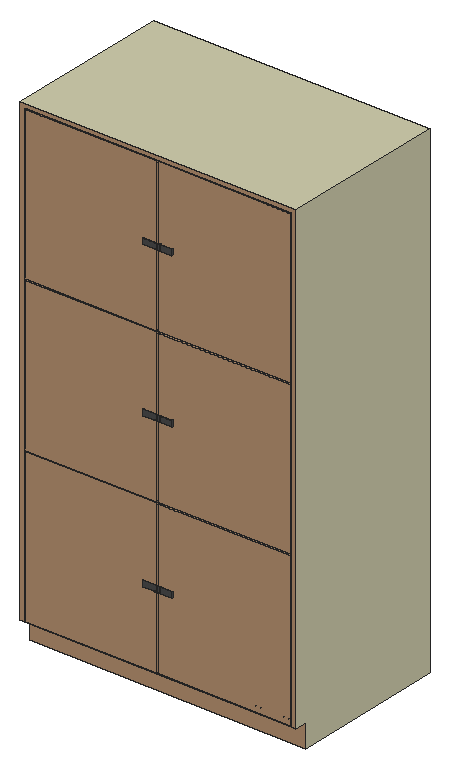
Revit family "Cabinet_Wenger_UltraStor_12", category Furniture, Revit 2015
Parameters (values of type "UltraStor Cabinet #12 - Comp Wood Doors")
  URL = "https://www.wengercorp.com/"
  Type Comments = ""
  Specification = "http://www.arcat.com/sdspecs/htm04/12_35_83wen.htm"
  Shelf Thickness = 0' - 1 1/8"
  Sales Information = "https://www.wengercorp.com/contact-us.php"
  Revision = "R1_2018-04"
  Rear Panel Thickness = 0' - 0 3/4"
  Product Data = "http://www.arcat.com/arcatcos/cos36/arc36487.html"
  Manufacturer Website = "https://www.wengercorp.com/"
  Manufacturer Phone - Toll Free = "800-4WENGER"
  Manufacturer Phone = "(507) 455-4100"
  Manufacturer Fax = "(507) 455-4258"
  Manufacturer Address = "555 Park Dr., Owatonna, MN 55060"
  Keynote = "12 35 83"
  HasDoors = yes
  Green Building-LEED = "http://www.arcat.com/green/clients/leed_data_36487.html"
  Drawn By = "Sumex Design, Inc. / Robert S. Weygant, CSI, CDT, SCIP"
  Door Width = (Cabinet Width - 0' 1 5/8") / 2  # 1' - 11 7/16"
  Door Style = Door_Base : Solid Door
  Door Material [instance] = Wenger Cherry (Use Cherry Edge Band Only)
  Door Height = (Cabinet Height - 0' 4 3/4") / 5  # 1' - 4.175"
  Toe Kick Material [instance] = Wenger Cherry (Use Cherry Edge Band Only)
  RH End Panel [instance] = no
  Model = "#12"
  Manufacturer = "Wenger Corporation"
  LH End Panel [instance] = no
  End Panel Material [instance] = Wenger Cherry (Use Cherry Edge Band Only)
  Edge Banding Material [instance] = Wenger Cherry (Use Cherry Edge Band Only)
  Cost = 0
  Copyright = "© 2018 Arcat Inc."
  Construction Details = "http://www.arcat.com/details/wengerco/wengerco.html?coid=36487"
  Body Material [instance] = Wenger - Oyster
  Description = "Wenger UltraStor Cabinet #12 - Comp Wood Doors"
  Cabinet Width = 4' - 0 1/2"
  Cabinet Height = 7' - 1 5/8"
  Installed Depth = 2' - 5 1/4"
  Cabinet Panel Thickness = 0' - 0 3/4"
  Assembly Code = "E2010200"
Types (7): name | Shelf Thickness | Rear Panel Thickness | HasDoors | Door Style | Door Material | Model | Description | Installed Depth
  Acoustic Cabinet #12 - No Doors | 0' - 1.26667" | 0' - 3 1/4" | no | Door_Base : Solid Door | none | "#12A" | "Wenger Acoustic Cabinet #12 - No Doors" | 2' - 7 3/4"
  Acoustic Cabinet #12 - Comp Grille Doors | 0' - 1 1/8" | 0' - 3 1/4" | yes | Door_Base : Bars | Painted Black | "#12A" | "Wenger Acoustic Cabinet #12 - Comp Grille Doors" | 2' - 7 3/4"
  Acoustic Cabinet #12 - Comp Waterfall Grille Doors | 0' - 1 1/8" | 0' - 3 1/4" | yes | Door_Base : Waterfall | Painted Black | "#12A" | "Wenger Acoustic Cabinet #12 - Comp Waterfall Grille Doors" | 2' - 7 3/4"
  UltraStor Cabinet #12 - Comp Wood Doors | 0' - 1 1/8" | 0' - 0 3/4" | yes | Door_Base : Solid Door | Wenger Cherry (Use Cherry Edge Band Only) | "#12" | "Wenger UltraStor Cabinet #12 - Comp Wood Doors" | 2' - 5 1/4"
  UltraStor Cabinet #12 - Comp Waterfall Grille Doors | 0' - 1 1/8" | 0' - 0 3/4" | yes | Door_Base : Waterfall | Painted Black | "#12" | "Wenger UltraStor Cabinet #12 - Comp Waterfall Grille Doors" | 2' - 5 1/4"
  UltraStor Cabinet #12 - Comp Grille Doors | 0' - 1 1/8" | 0' - 0 3/4" | yes | Door_Base : Bars | Painted Black | "#12" | "Wenger UltraStor Cabinet #12 - Comp Grille Doors" | 2' - 5 1/4"
  UltraStor Cabinet #12 - No Doors | 0' - 1.26667" | 0' - 0 3/4" | no | Door_Base : Solid Door | none | "#12" | "Wenger UltraStor Cabinet #12 - No Doors" | 2' - 5 1/4"
Reference planes (in)
  plane 1 "Front": y = 0
  plane 2: z = 0
  plane 3 "Left": x = 0
  plane 4 "Right": x = 48.5
  plane 5 "Back": y = 29.25
  plane 6 "Top": z = 85.625
  plane 7: z = 4
  plane 8: z = 30.95833
  plane 9: z = 57.91667
  plane 10: x = 0.75
  plane 11: x = 47.75
  plane 12: z = 84.875
  plane 13: x = 24.1875
  plane 14: x = 0.125
  plane 15: x = 23.5625
  plane 16: x = 24.3125
  plane 17: y = 28.5
  plane 18: y = 2
  plane 19: y = 0.75
  plane 20: z = 32.08333
  plane 21: z = 59.04167
  plane 22: z = 5.125
Forms (in)
  Extrusion 1, solid, material "Wenger - Oyster" <- "Body Material"
    sketch origin (0, 0, 0) x (0, 1, 0) y (0, 0, 1)
      loop
        line (0, 85.625) -> (0, 4) -> (2, 4) -> (2, 0) -> (29.25, 0) -> (29.25, 85.625) -> (0, 85.625)
    from 0 to 48.5
  Extrusion 2, void
    sketch origin (0, 0, 0) x (0, 1, 0) y (0, 0, 1)
      loop
        line (-5.5, 84.875) -> (-5.5, 57.91667) -> (1.92236, 57.91667)
        arc (1.92236, 57.91667) -> (1.4983, 58.45738) -> (1.85997, 59.04167) r 0.60004
        line (1.85997, 59.04167) -> (28.5, 59.04167) -> (28.5, 84.875) -> (-5.5, 84.875)
    from 0.75 to 47.75
  Extrusion 3, void
    sketch origin (0, 0, 0) x (0, 1, 0) y (0, 0, 1)
      loop
        line (-5.5, 57.91667) -> (-5.5, 30.95833) -> (0.75, 30.95833)
        arc (0.75, 30.95833) -> (1.18296, 31.73421) -> (2, 32.08333) r 1.375
        line (2, 32.08333) -> (28.5, 32.08333) -> (28.5, 57.91667) -> (-5.5, 57.91667)
    from 0.75 to 47.75
  Extrusion 4, void
    sketch origin (0, 0, 0) x (0, 1, 0) y (0, 0, 1)
      loop
        line (0, 84.875) -> (0, 4) -> (0.0625, 4) -> (0.0625, 84.875) -> (0, 84.875)
    from 0.75 to 47.75
  Extrusion 5, void
    sketch origin (0, 0, 0) x (1, 0, 0) y (0, 0, 1)
      loop
        line (0.75, 30.95833) -> (0.75, 5.125) -> (47.75, 5.125) -> (47.75, 30.95833) -> (0.75, 30.95833)
    from -28.5 to 0
Cuts and joins
  Extrusion 2, Extrusion 3, Extrusion 4, Extrusion 5 cuts Extrusion 1
Lines and regions (in)
  Masking region 1
    outline origin (0, 0, 0) x (1, 0, 0) y (0, 1, 0)
      loop
        line (0, 29.25) -> (0, 0) -> (48.5, 0) -> (48.5, 29.25) -> (0, 29.25)
Dimensions and locks (in)
  "Cabinet Panel Thickness": plane 3 "Left" to plane 10
  "Cabinet Panel Thickness": plane 11 to plane 4 "Right"
  "Cabinet Panel Thickness": plane 5 "Back" to plane 17
  locked: plane 1 "Front" to plane 19 at 0.75
  locked: plane 1 "Front" to plane 18 at 2
  "Shelf Thickness": plane 20 to plane 8
  "Shelf Thickness": plane 21 to plane 9
  "Cabinet Panel Thickness": plane 6 "Top" to plane 12
  equal spacing: plane 12, plane 9, plane 8, plane 7
  "Shelf Thickness": plane 22 to plane 7
  "Cabinet Width": plane 3 "Left" to plane 4 "Right"
  locked: plane 7 to level at 4
  "Cabinet Height": plane 6 "Top" to level
  "Installed Depth": plane 1 "Front" to plane 5 "Back"
  "Door Width": plane 13 to plane 10
  "Door Width": plane 15 to plane 14
  "Door Width": plane 11 to plane 16
  plane 3 "Left" to plane 4 "Right" = 4' - 0 1/2"
  locked: plane 16 to plane 15 at 0.75
  equal spacing: plane 14, nested 2, plane 11
  equal spacing: plane 5 "Back", nested 2, plane 1 "Front"
  nested 5 to plane 4 "Right" = 3' - 0 1/32"
  nested 9 to level = 5' - 11.39583"
  aligned and locked: Extrusion 1 sketch curve to plane 6 "Top"
  aligned and locked: Extrusion 1 sketch curve to plane 5 "Back"
  aligned and locked: Extrusion 1 sketch curve to plane 1 "Front"
  aligned and locked: Extrusion 1 sketch curve to plane 7
  aligned and locked: Extrusion 1 sketch curve to plane 18
  aligned and locked: Extrusion 1 sketch curve to level
  aligned and locked: Extrusion 1 to plane 4 "Right"
  aligned and locked: Extrusion 1 to plane 3 "Left"
  aligned and locked: Extrusion 2 sketch curve to plane 12
  aligned and locked: Extrusion 2 sketch curve to plane 17
  aligned and locked: Extrusion 2 sketch curve to plane 9
  aligned and locked: Extrusion 2 sketch curve to plane 21
  aligned and locked: Extrusion 2 to plane 10
  aligned and locked: Extrusion 3 to plane 11
  aligned and locked: Extrusion 4 sketch curve to cut or joined group of Extrusion 1, Extrusion 2, Extrusion 3, Extrusion 4, Extrusion 5  (x3)
  aligned and locked: Extrusion 4 to plane 11
  aligned and locked: Extrusion 4 to plane 10
  aligned and locked: nested 3 to plane 10
  aligned and locked: nested 3 to plane 9
  aligned and locked: cut or joined group of Extrusion 1, Extrusion 2, Extrusion 3, Extrusion 4, Extrusion 5 to plane 11  (x2)
  aligned and locked: plane 9 to cut or joined group of Extrusion 1, Extrusion 2, Extrusion 3, Extrusion 4, Extrusion 5
  aligned and locked: nested 4 to plane 8
  aligned and locked: nested 4 to plane 10
  aligned and locked: nested 5 to plane 10
  aligned and locked: plane 7 to cut or joined group of Extrusion 1, Extrusion 2, Extrusion 3, Extrusion 4, Extrusion 5
  aligned and locked: nested 5 to plane 7
  aligned and locked: plane 1 "Front" to nested 6
  aligned and locked: nested 6 to level
  aligned and locked: nested 6 to plane 4 "Right"
  aligned and locked: Masking region 1 sketch curve to plane 5 "Back"
  aligned and locked: Masking region 1 sketch curve to plane 1 "Front"
  aligned and locked: plane 3 "Left" to Masking region 1 sketch curve
  aligned and locked: plane 4 "Right" to Masking region 1 sketch curve
  aligned and locked: plane 8 to nested 5
  aligned and locked: Extrusion 5 sketch curve to nested 5  (x2)
  aligned and locked: Extrusion 5 sketch curve to plane 22
  aligned and locked: plane 11 to Extrusion 5 sketch curve
  aligned and locked: plane 17 to Extrusion 5
  aligned and locked: plane 1 "Front" to Extrusion 5
  aligned and locked: Extrusion 3 to plane 10
  aligned and locked: plane 9 to nested 4
  aligned and locked: nested 9 to plane 12
  aligned and locked: nested 9 to plane 9
  aligned and locked: nested 8 to plane 9
  aligned and locked: nested 8 to plane 8
  aligned and locked: nested 7 to plane 8
  aligned and locked: nested 7 to plane 7
  aligned and locked: nested 9 to plane 11
  aligned and locked: nested 8 to plane 11
  aligned and locked: nested 7 to plane 11
Automatic sketch dimensions
  plane 19 to Extrusion 4 sketch curve = 0' - 0 11/16"
  Extrusion 3 sketch curve to plane 8 = 0' - 0"
  Extrusion 3 sketch curve to plane 19 = 0' - 0"
  Extrusion 3 sketch curve to plane 18 = 0' - 0"
  Extrusion 3 sketch curve to plane 17 = 0' - 0"
  plane 1 "Front" to Extrusion 3 sketch curve = 0' - 5 1/2"
  Extrusion 3 sketch curve to plane 18 = 0' - 0.10279"
  plane 18 to Extrusion 2 sketch curve = 0' - 0.14003"
  plane 1 "Front" to Extrusion 2 sketch curve = 0' - 5 1/2"
  Extrusion 2 sketch curve to plane 18 = 0' - 0.09742"
  Extrusion 2 sketch curve to plane 19 = 0' - 1.17236"
  Extrusion 3 sketch curve to plane 9 = 0' - 0"
  Extrusion 3 sketch curve to plane 20 = 0' - 0"
Nested families (in)
  nested 1: "End Panel" at (0, 14.25, 0) x (0, -1, 0) z (0, 0, 1), End Panel Material <- "End Panel Material", visible <- "LH End Panel", Edge Banding Material <- "Edge Banding Material", type "End Panel"
    with End Panel Material Wenger Cherry (Use Cherry Edge Band Only), Edge Banding Material Wenger Cherry (Use Cherry Edge Band Only), End Panel Depth 2' - 5 1/4"
  nested 2: "Labels" at (23.9375, 14.625, 0), type "Labels"
  nested 3: "Door_Base" at (12.46875, 0, 57.91667) x (1, 0, 0) z (0, -1, 0), type <- "Door Style", visible <- "HasDoors", Width <- "Door Width", type "Solid Door", detail levels medium+fine
    with vBars 21, Width 1' - 11 7/16", ToeKick Height 0' - 4", MidBar no, Height 2' - 2.95833", BarHt 2' - 2.45833", 2HzBars no
  nested 4: "Door_Base" at (12.46875, 0, 30.95833) x (1, 0, 0) z (0, -1, 0), type <- "Door Style", visible <- "HasDoors", Width <- "Door Width", type "Solid Door", detail levels medium+fine
    with vBars 21, Width 1' - 11 7/16", ToeKick Height 0' - 4", MidBar no, Height 2' - 2.95833", BarHt 2' - 2.45833", 2HzBars no
  nested 5: "Door_Base" at (12.46875, 0, 4) x (1, 0, 0) z (0, -1, 0), type <- "Door Style", visible <- "HasDoors", Width <- "Door Width", type "Solid Door", detail levels medium+fine
    with vBars 21, Width 1' - 11 7/16", ToeKick Height 0' - 4", MidBar no, Height 2' - 2.95833", BarHt 2' - 2.45833", 2HzBars no
  nested 6: "End Panel" at (49.25, 14.25, 0) x (0, -1, 0) z (0, 0, 1), End Panel Material <- "End Panel Material", Edge Banding Material <- "Edge Banding Material", visible <- "RH End Panel", type "End Panel"
    with End Panel Material Wenger Cherry (Use Cherry Edge Band Only), Edge Banding Material Wenger Cherry (Use Cherry Edge Band Only), End Panel Depth 2' - 5 1/4"
  nested 7: "Door_Base" at (36.03125, 0, 30.95833) x (-1, 0, 0) z (0, -1, 0), Width <- "Door Width", type <- "Door Style", visible <- "HasDoors", type "Solid Door"
    with vBars 21, Width 1' - 11 7/16", ToeKick Height 0' - 4", MidBar no, Height 2' - 2.95833", BarHt 2' - 2.45833", 2HzBars no
  nested 8: "Door_Base" at (36.03125, 0, 57.91667) x (-1, 0, 0) z (0, -1, 0), Width <- "Door Width", type <- "Door Style", visible <- "HasDoors", type "Solid Door"
    with vBars 21, Width 1' - 11 7/16", ToeKick Height 0' - 4", MidBar no, Height 2' - 2.95833", BarHt 2' - 2.45833", 2HzBars no
  nested 9: "Door_Base" at (36.03125, 0, 84.875) x (-1, 0, 0) z (0, -1, 0), Width <- "Door Width", type <- "Door Style", visible <- "HasDoors", type "Solid Door"
    with vBars 21, Width 1' - 11 7/16", ToeKick Height 0' - 4", MidBar no, Height 2' - 2.95833", BarHt 2' - 2.45833", 2HzBars no
Definition of nested family "End Panel"
  Parameters (values of type "End Panel")
    End Panel Material [instance] = none
    End Panel Height = 7' - 1 5/8"
    End Panel Depth = 1' - 9 3/4"
    Edge Banding Material [instance] = none
    Default Elevation = 4' - 0"
    Assembly Code = ""
  Reference planes (in)
    plane 1 "Center (Front/Back)": y = 0
    plane 2: z = 0
    plane 3 "Center (Left/Right)": x = 0
    plane 4: x = -15
    plane 5: x = 6.75
    plane 6: z = 4
    plane 7: x = 4.75
    plane 8: z = 85.625
    plane 9: y = -0.75
  Forms (in)
    Extrusion 1, solid, material <- "End Panel Material"
      sketch origin (0, 0, 0) x (1, 0, 0) y (0, 0, 1)
        loop
          line (-15, 85.625) -> (-15, 0) -> (4.75, 0) -> (4.75, 4) -> (6.75, 4) -> (6.75, 85.625) -> (-15, 85.625)
      from 0 to 0.75
  Lines and regions (in)
    Masking region 1, detail levels coarse+medium
      outline origin (0, 0, 0) x (1, 0, 0) y (0, 1, 0)
        loop
          line (-15, 0) -> (-15, -0.75) -> (6.75, -0.75) -> (6.75, 0) -> (-15, 0)
  Dimensions and locks (in)
    locked: plane 7 to plane 5 at 2
    locked: plane 6 to level at 4
    "End Panel Height": plane 8 to level
    "End Panel Depth": plane 5 to plane 4
    locked: plane 9 to plane 1 "Center (Front/Back)" at 0.75
    aligned and locked: plane 4 to Extrusion 1 sketch curve
    aligned and locked: level to Extrusion 1 sketch curve
    aligned and locked: plane 7 to Extrusion 1 sketch curve
    aligned and locked: plane 6 to Extrusion 1 sketch curve
    aligned and locked: Extrusion 1 sketch curve to plane 5
    aligned and locked: Extrusion 1 sketch curve to plane 8
    aligned and locked: Extrusion 1 to plane 9
    aligned and locked: Extrusion 1 to plane 1 "Center (Front/Back)"
    aligned and locked: plane 4 to Masking region 1 sketch curve
    aligned and locked: Masking region 1 sketch curve to plane 5
    aligned and locked: plane 1 "Center (Front/Back)" to Masking region 1 sketch curve
    aligned and locked: plane 9 to Masking region 1 sketch curve
Definition of nested family "Door_Base"
  Parameters (values of type "None")
    vBars [instance] = (Width - 0' 2") / 0' 1"  # 6
    Width [instance] = 0' - 8"
    ToeKick Height [instance] = 0' - 4"
    Thickness = 0' - 0 3/4"
    Solid Door = no
    Shelf Thickness = 0' - 0 3/4"
    Panel Thickness = 0' - 0 3/4"
    MidBar [instance] = and(Height < 1' 6", HasDoor, not(Solid Door))  # no
    Height [instance] = 1' - 2 5/8"
    HasDoor = no
    Edge Banding = none
    DoorGap = 0' - 0 1/8"
    Door Finish = none
    Depth = 2' - 0"
    Default Elevation = 4' - 0"
    Bars = no
    BarStyle = Bars : Waterfall
    BarHt [instance] = Height - 0' 0 1/2"  # 1' - 2 1/8"
    2HzBars [instance] = and(Height > 1' 6", not(Solid Door))  # no
  Types (4): name | Thickness | Solid Door | MidBar | HasDoor | Bars | BarStyle
    Solid Door | 0' - 0 3/4" | yes | no | yes | no | Bars : Waterfall
    Bars | 0' - 0 1/4" | no | yes | yes | yes | Bars : Straight
    Waterfall | 0' - 0 3/4" | no | yes | yes | yes | Bars : Waterfall
    None | 0' - 0 3/4" | no | no | no | no | Bars : Waterfall
  Reference planes (in)
    plane 1 "Center (Front/Back)": y = 0
    plane 2: z = 0
    plane 3 "Center (Left/Right)": x = 0
    plane 4: x = -4
    plane 5: y = 14.625
    plane 6: x = 4
    plane 7: z = -0.75
    plane 8: x = -3.875
    plane 9: x = 3.875
    plane 10: y = 0.125
    plane 11: y = 14.5
    plane 12: y = -0.75
    plane 13 "CL Elev": y = 7.3125
    plane 14: x = -3.75
    plane 15: x = 3.75
    plane 16 "BtmRail": y = 0.25
    plane 17: y = 14.375
    plane 18: z = -0.125
    plane 19: x = -2.75
    plane 20: x = 2.75
    plane 21: y = 9.66667
    plane 22: y = 4.95833
  Forms (in)
    Extrusion 1, solid, material <- "Door Finish", visible <- "Solid Door", detail levels medium+fine
      sketch origin (0, 0, 0) x (1, 0, 0) y (0, 1, 0)
        loop
          arc (-3.75, 14.5) -> (-3.83839, 14.46339) -> (-3.875, 14.375) r 0.125
          line (-3.875, 14.375) -> (-3.875, 0.25)
          arc (-3.875, 0.25) -> (-3.83839, 0.16161) -> (-3.75, 0.125) r 0.125
          line (-3.75, 0.125) -> (3.75, 0.125)
          arc (3.75, 0.125) -> (3.83839, 0.16161) -> (3.875, 0.25) r 0.125
          line (3.875, 0.25) -> (3.875, 14.375)
          arc (3.875, 14.375) -> (3.83839, 14.46339) -> (3.75, 14.5) r 0.125
          line (3.75, 14.5) -> (-3.75, 14.5)
      from 0 to -0.75
    Sweep 2, solid, material <- "Door Finish", visible <- "Bars", detail levels medium+fine
      path origin (0, 0, 0) x (1, 0, 0) y (0, 1, 0)
        loop
          arc (-3.125, 14.5) -> (-3.65533, 14.28033) -> (-3.875, 13.75) r 0.75
          line (-3.875, 13.75) -> (-3.875, 0.875)
          arc (-3.875, 0.875) -> (-3.65533, 0.34467) -> (-3.125, 0.125) r 0.75
          line (-3.125, 0.125) -> (3.125, 0.125)
          arc (3.125, 0.125) -> (3.65533, 0.34467) -> (3.875, 0.875) r 0.75
          line (3.875, 0.875) -> (3.875, 13.75)
          arc (3.875, 13.75) -> (3.65533, 14.28033) -> (3.125, 14.5) r 0.75
          line (3.125, 14.5) -> (-3.125, 14.5)
      profile origin (0, 14.5, 0) x (0, 1, 0) y (0, 0, 1)
        loop
          circle (-0.125, -0.125) r 0.125
    Extrusion 3, solid, material <- "Door Finish", visible <- "MidBar", detail levels medium+fine
      sketch origin (0, 0, 0) x (0, 1, 0) y (0, 0, 1)
        loop
          circle (7.3125, -0.125) r 0.125
      from -3.75 to 3.75
    Extrusion 4, solid, visible <- "HasDoor", detail levels fine
      sketch origin (0, 0, 0) x (1, 0, 0) y (0, 1, 0)
        loop
          line (1.5, 7.8125) -> (1.5, 6.8125) -> (4.5, 6.8125) -> (4.5, 7.8125) -> (1.5, 7.8125)
      from 0 to 0.125
    Extrusion 5, solid, material <- "Door Finish", visible <- "2HzBars", detail levels medium+fine
      sketch origin (0, 0, 0) x (0, 1, 0) y (0, 0, 1)
        loop
          circle (9.66667, -0.125) r 0.125
        loop
          circle (4.95833, -0.125) r 0.125
      from -3.75 to 3.75
  Lines and regions (in)
    symbolic lines, visible <- "HasDoor", detail levels medium+fine
      curve 1: line (4, 0.25, 0) -> (-4, 0.25, 0)
      curve 2: line (-4, 0.25, 0) -> (-4, 0.25, 8)
      curve 3: arc (4, 0.25, 0) -> (1.65685, 0.25, 5.65685) -> (-4, 0.25, 8) r 8
    symbolic lines, visible <- "HasDoor"
      curve 4: line (3.875, 0.25, 0) -> (3.875, 0.25, -0.75)
      curve 5: line (3.875, 0.25, -0.75) -> (-3.875, 0.25, -0.75)
      curve 6: line (-3.875, 0.25, -0.75) -> (-3.875, 0.25, 0)
    symbolic lines, detail levels medium
      curve 7: line (3.875, 14.5, 0) -> (-3.875, 7.3125, 0)
      curve 8: line (-3.875, 7.3125, 0) -> (3.875, 0.125, 0)
  Dimensions and locks (in)
    "Height": plane 1 "Center (Front/Back)" to plane 5
    "Thickness": level to plane 7
    equal spacing: plane 4, plane 3 "Center (Left/Right)", plane 6
    "Width": plane 4 to plane 6
    "DoorGap": plane 5 to plane 11
    "DoorGap": plane 9 to plane 6
    "DoorGap": plane 4 to plane 8
    "DoorGap": plane 1 "Center (Front/Back)" to plane 10
    "Shelf Thickness": plane 1 "Center (Front/Back)" to plane 12
    equal spacing: plane 1 "Center (Front/Back)", plane 13 "CL Elev", plane 5
    locked: plane 15 to plane 9 at 0.125
    locked: plane 8 to plane 14 at 0.125
    locked: plane 11 to plane 17 at 0.125
    locked: plane 16 "BtmRail" to plane 10 at 0.125
    locked: level to plane 18 at 0.125
    plane 19 to plane 14 = 0' - 1"
    locked: plane 15 to plane 20 at 1
    Extrusion 4 sketch curve to plane 13 "CL Elev" to Extrusion 4 sketch curve = 0' - 0 1/2" locked, 0' - 0 1/2" locked
    locked: plane 6 to Extrusion 4 sketch curve at 0.5
    locked: Extrusion 4 sketch curve to plane 6 at 2.5
    locked: Extrusion 4 to level at 0.125
    equal spacing: group 1, group 3, group 4, group 5, group 6, group 2  (x3)
    equal spacing: plane 17, plane 21, plane 22, plane 16 "BtmRail"
    "Width": radius of curve 3
    aligned and locked: plane 2 to level
    aligned and locked: Extrusion 1 sketch curve to plane 11
    aligned and locked: plane 8 to Extrusion 1 sketch curve
    aligned and locked: Extrusion 1 sketch curve to plane 9
    aligned and locked: plane 10 to Extrusion 1 sketch curve
    aligned and locked: Extrusion 1 to plane 7
    aligned and locked: level to Extrusion 1
    aligned and locked: Sweep 2 sketch curve to plane 11
    aligned and locked: plane 8 to Sweep 2 sketch curve
    aligned and locked: plane 10 to Sweep 2 sketch curve
    aligned and locked: Sweep 2 sketch curve to plane 9
    aligned and locked: plane 15 to Extrusion 3
    aligned and locked: Extrusion 3 to plane 14
    aligned and locked: plane 20 to nested 2
    aligned and locked: plane 19 to nested 1
    aligned and locked: plane 21 to Extrusion 5 sketch curve
    aligned and locked: plane 18 to Extrusion 5 sketch curve  (x2)
    aligned and locked: plane 22 to Extrusion 5 sketch curve
    aligned and locked: Extrusion 5 to Extrusion 3  (x2)
    aligned and locked: plane 4 to curve 3  (x2)
    aligned and locked: level to curve 3
    aligned and locked: plane 7 to curve 5
    aligned and locked: Extrusion 1 to plane 8
    aligned and locked: plane 9 to Extrusion 1
    aligned and locked: plane 10 to curve 8
    aligned and locked: plane 9 to curve 8
    aligned and locked: plane 13 "CL Elev" to curve 8
    aligned and locked: plane 11 to curve 7
    aligned and locked: plane 9 to curve 7
  Automatic sketch dimensions
    plane 8 to Sweep 2 sketch curve = 0' - 0 3/4"  (x2)
    Sweep 2 sketch curve to plane 9 = 0' - 0 3/4"
    Sweep 2 sketch curve to Sweep 2 sketch curve = 0' - 0 3/4"
    Sweep 2 sketch curve to level = 0' - 0 1/8"
    profile plane to Sweep 2 sketch curve = 0' - 0 1/8"
    Extrusion 3 sketch curve to level = 0' - 0 1/8"
    Extrusion 3 sketch curve to plane 13 "CL Elev" = 0' - 0"
    curve 8 to plane 8 = 0' - 0"
    Extrusion 1 sketch curve to plane 14 = 0' - 0"  (x2)
    Extrusion 1 sketch curve to plane 15 = 0' - 0"  (x2)
    curve 5 to plane 9 = 0' - 0"
    curve 6 to plane 8 = 0' - 0"
    radius of Sweep 2 sketch curve = 0' - 0 1/8"
    radius of Extrusion 3 sketch curve = 0' - 0 1/8"
    radius of Extrusion 5 sketch curve = 0' - 0 1/8"  (x2)
  Nested families (in)
    nested 1: "Bars" at (-2.75, 0.25, -0.125) x (1, 0, 0) z (0, 1, 0), type <- "BarStyle", visible <- "Bars", type "Waterfall", detail levels fine
      with Lateral Deviation 0' - 1", Height 1' - 2 1/8"
    nested 2: "Bars" at (2.75, 0.25, -0.125) x (1, 0, 0) z (0, 1, 0), type <- "BarStyle", visible <- "Bars", type "Waterfall", detail levels fine
      with Lateral Deviation 0' - 1", Height 1' - 2 1/8"
    nested 3: "Bars" at (-1.65, 0.25, -0.125) x (1, 0, 0) z (0, 1, 0), type <- "BarStyle", visible <- "Bars", type "Waterfall", detail levels fine
      with Lateral Deviation 0' - 1", Height 1' - 2 1/8"
    nested 4: "Bars" at (-0.55, 0.25, -0.125) x (1, 0, 0) z (0, 1, 0), type <- "BarStyle", visible <- "Bars", type "Waterfall", detail levels fine
      with Lateral Deviation 0' - 1", Height 1' - 2 1/8"
    nested 5: "Bars" at (0.55, 0.25, -0.125) x (1, 0, 0) z (0, 1, 0), type <- "BarStyle", visible <- "Bars", type "Waterfall", detail levels fine
      with Lateral Deviation 0' - 1", Height 1' - 2 1/8"
    nested 6: "Bars" at (1.65, 0.25, -0.125) x (1, 0, 0) z (0, 1, 0), type <- "BarStyle", visible <- "Bars", type "Waterfall", detail levels fine
      with Lateral Deviation 0' - 1", Height 1' - 2 1/8"
  Definition of nested family "Bars"
    Parameters (values of type "Straight")
      WaterFall = no
      Straight = yes
      Lateral Deviation = 0' - 1 1/2"
      Height = 1' - 2 5/8"
      Default Elevation = 4' - 0"
      Bars = none
    Types (3): name | WaterFall | Straight
      (no name) | no | yes
      Waterfall | yes | no
      Straight | no | yes
    Reference planes (in)
      plane 1 "Center (Front/Back)": y = 0
      plane 2: z = 0
      plane 3 "Center (Left/Right)": x = 0
      plane 4: z = 14.625
      plane 5: z = 7.3125
      plane 6: x = 0.75
      plane 7: x = -0.75
      plane 8: z = 10.96875
      plane 9: z = 3.65625
    Forms (in)
      Sweep 1, solid, material <- "Bars", visible <- "WaterFall"
        path origin (0, 0, 0) x (1, 0, 0) y (0, 0, 1)
          loop
            arc (0, 0) -> (0.56057, 1.79006) -> (0.75, 3.65625) r 9.28711
            arc (0.75, 3.65625) -> (0.56057, 5.52244) -> (0, 7.3125) r 9.28711
        profile origin (0.56057, 0, 1.79006) x (-0.979603, 0, 0.200944) y (0, -1, 0)
          loop
            circle (0, 0) r 0.0625
      Sweep 2, solid, material <- "Bars", visible <- "WaterFall"
        path origin (0, 0, 14.625) x (-1, 0, 0) y (0, 0, -1)
          loop
            arc (0, 0) -> (0.56057, 1.79006) -> (0.75, 3.65625) r 9.28711
            arc (0.75, 3.65625) -> (0.56057, 5.52244) -> (0, 7.3125) r 9.28711
        profile origin (-0.56057, 0, 12.83494) x (0.979603, 0, -0.200944) y (0, -1, 0)
          loop
            circle (0, 0) r 0.0625
      Extrusion 3, solid, material <- "Bars", visible <- "Straight"
        sketch origin (0, 0, 0) x (1, 0, 0) y (0, 1, 0)
          loop
            circle (0, 0) r 0.0625
        from 0 to 14.625
    Dimensions and locks (in)
      "Height": plane 4 to level
      equal spacing: plane 6, plane 3 "Center (Left/Right)", plane 7
      "Lateral Deviation": plane 6 to plane 7
      equal spacing: plane 4, plane 8, plane 5, plane 9, level
      aligned and locked: plane 2 to level
      aligned and locked: plane 3 "Center (Left/Right)" to Sweep 1 sketch curve  (x2)
      aligned and locked: level to Sweep 1 sketch curve
      aligned and locked: plane 6 to Sweep 1 sketch curve
      aligned and locked: plane 9 to Sweep 1 sketch curve
      aligned and locked: plane 4 to Sweep 2 sketch curve
      aligned and locked: plane 3 "Center (Left/Right)" to Sweep 2 sketch curve  (x2)
      aligned and locked: plane 8 to Sweep 2 sketch curve
      aligned and locked: plane 7 to Sweep 2 sketch curve
      aligned and locked: plane 5 to Sweep 2 sketch curve
      aligned and locked: plane 4 to Extrusion 3
      aligned and locked: Extrusion 3 to level
    Automatic sketch dimensions
      plane 1 "Center (Front/Back)" to Sweep 1 sketch curve = 0' - 0"
      Sweep 1 sketch curve to profile plane = 0' - 0"
      Sweep 1 sketch curve to Sweep 1 sketch curve = 0' - 0"
      Sweep 2 sketch curve to plane 1 "Center (Front/Back)" = 0' - 0"
      Sweep 2 sketch curve to profile plane = 0' - 0"
      plane 1 "Center (Front/Back)" to Extrusion 3 sketch curve = 0' - 0"
      Extrusion 3 sketch curve to plane 3 "Center (Left/Right)" = 0' - 0"
      radius of Sweep 1 sketch curve = 0' - 0 1/16"
      radius of Sweep 2 sketch curve = 0' - 0 1/16"
      radius of Extrusion 3 sketch curve = 0' - 0 1/16"
Definition of nested family "Labels"
  Parameters
    Cabinet Label = "01"
  Reference planes (in)
    plane 1: y = 0
    plane 2: x = 0
  Text (in)
    label "xxxx" at (-0.00018, 0.00754, 0), shows "Cabinet Label"
